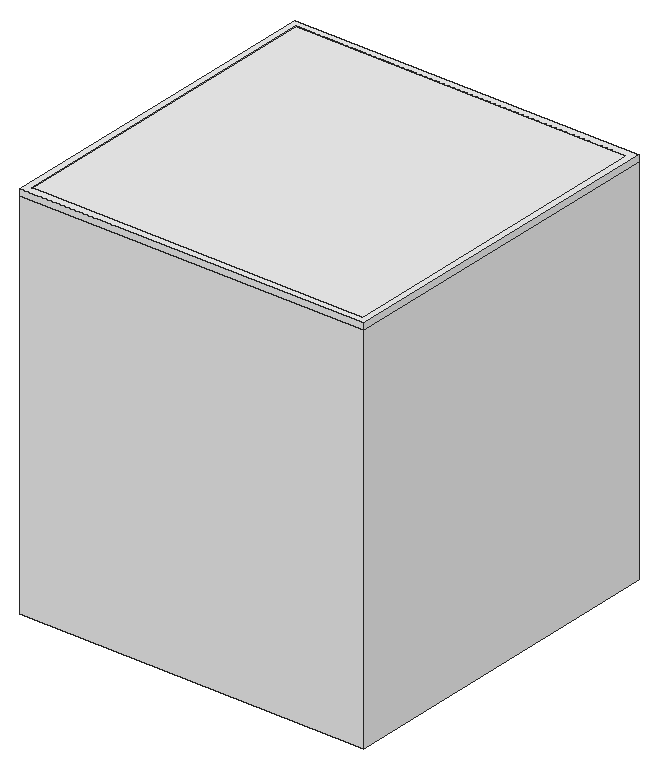
Revit family "Iluminação embutida - Quadrada sem moldura", category Luminárias, Revit 2019
Family settings
  Hospedeiro = Forro
  Cota do conector redondo = Utilizar diâmetro
  Tipo de parte = Normal
  Número OmniClass = 23.80.70.11
  Título OmniClass = Luminaries for Internal Lighting
  Sempre na vertical = Sim
  Corte com vazios quando carregada = Sim
  Fonte luminosa = Sim
  Compartilhado = Não
  Ponto de cálculo do ambiente = Não
Parameters (values of type "110x110mm-36W")
  Largura = 110.00 mm
  Wattage = 150 W
  built-in parameter 1150110 = 1 (stored number, unit not read)
  built-in parameter 1114217 = 1 (stored number, unit not read)
  built-in parameter 1150109 = 1 (stored number, unit not read)
  built-in parameter 1150134 = (empty or 0)
  built-in parameter 1150113 = 1 (stored number, unit not read)
  Material de sombra = Vidro
  Lumens = 2700 lm
  built-in parameter 1150115 = 1 (stored number, unit not read)
  built-in parameter 1150105 = 859.44 (stored number, unit not read)
  Tamanho do símbolo da fonte luminosa = Largura - 50.00 mm  # 60.00 mm
  built-in parameter 1150137 = (empty or 0)
  built-in parameter 1150139 = (empty or 0)
  Comprimento = 110.00 mm
  built-in parameter 1150112 = 1 (stored number, unit not read)
  built-in parameter 1150114 = 1 (stored number, unit not read)
  built-in parameter 1150132 = (empty or 0)
  built-in parameter 1150102 = (empty or 0)
  built-in parameter 1150138 = (empty or 0)
  built-in parameter 1150107 = 3000 (stored number, unit not read)
  built-in parameter 1150106 = 8.5944 (stored number, unit not read)
  Altura = 120.00 mm
  Largura da estrutura = 30.00 mm
  Espessura da moldura = 2.00 mm
  Material da luminária = Metal - Alum
  built-in parameter 1150104 = 1.6723 (stored number, unit not read)
  Dimming Lamp Color Temperature Shift = (empty or 0)
  Color Filter = 16777215
  built-in parameter 1114218 = 1 (stored number, unit not read)
  built-in parameter 1150133 = 10 (stored number, unit not read)
Types (2, lengths in mm): name | Largura | Tamanho do símbolo da fonte luminosa | Comprimento
  110x110mm-36W | 110.00 | 60.00 | 110.00
  300x300mm-72W | 300.00 | 250.00 | 300.00
Reference planes
  plane 1 "Eixo de origem da luz (F/T)": y = 0
  plane 2 "Forro": z = 2438.4
  plane 3 "Eixo de origem da luz (E/D)": x = 0
  plane 4 "Elevação da origem da luz": z = 2541.4
  plane 5: y = 55
  plane 6: y = -55
  plane 7: x = -55
  plane 8: x = 55
  plane 9: x = -53
  plane 10: x = 53
  plane 11: y = 53
  plane 12: y = -53
  plane 13: z = 2558.4
  plane 14: z = 2436.4
  plane 15: z = 2441.4
  plane 16: z = 2556.4
  plane 17: x = -85
  plane 18: x = 85
  plane 19: z = 2526.4
  plane 20: z = 2524.4
  plane 21: z = 2453.4
Forms (mm)
  Extrusion 1, solid, material "Metal - Alum" <- "Material da luminária"
    sketch origin (0, 0, 2541.4) x (0, -1, 0) y (1, 0, 0)
      loop
        line (-55, -55) -> (55, -55) -> (55, 55) -> (-55, 55) -> (-55, -55)
    from 17 to 15
  Sweep 2, solid, material "Metal - Alum" <- "Material da luminária"
    path origin (0, 0, 2541.4) x (0, -1, 0) y (1, 0, 0)
      loop
        line (-55, -55) -> (55, -55) -> (55, 55) -> (-55, 55) -> (-55, -55)
    profile origin (0, 55, 2541.4) x (0, 1, 0) y (0, 0, 1)
      loop
        line (0, 17) -> (-2, 17) -> (-2, -105) -> (0, -105) -> (0, 17)
  Extrusion 3, solid, material "Vidro" <- "Material de sombra"
    sketch origin (0, 28.278, 2541.4) x (0, -1, 0) y (1, 0, 0)
      loop
        line (-24.722, -53) -> (81.278, -53) -> (81.278, 53) -> (-24.722, 53) -> (-24.722, -53)
    from -15 to -17
Lines and regions (mm)
  Opening 1
    outline origin (0, 0, 2438.4) x (1, 0, 0) y (0, 1, 0)
      loop
        line (-55, 55) -> (-55, -55) -> (55, -55) -> (55, 55) -> (-55, 55)
Dimensions and locks
  equal spacing: host sketch curve, plane 3 "Eixo de origem da luz (E/D)", host sketch curve
  equal spacing: host sketch curve, plane 1 "Eixo de origem da luz (F/T)", host sketch curve
  host sketch curve to host sketch curve = 3048.00 mm  (x2)
  "Largura": plane 5 to plane 6
  equal spacing: plane 5, plane 1 "Eixo de origem da luz (F/T)", plane 6
  "Comprimento": plane 7 to plane 8
  equal spacing: plane 7, plane 3 "Eixo de origem da luz (E/D)", plane 8
  "Altura": plane 13 to plane 2 "Forro"
  locked: plane 15 to plane 2 "Forro" at 3
  "Largura da estrutura": plane 17 to plane 7
  "Largura da estrutura": plane 8 to plane 18
  locked: plane 5 to plane 11 at 2
  locked: plane 7 to plane 9 at 2
  locked: plane 10 to plane 8 at 2
  locked: plane 12 to plane 6 at 2
  "Espessura da moldura": plane 2 "Forro" to plane 14
  locked: plane 13 to plane 16 at 2
  locked: plane 20 to plane 19 at 2
  locked: plane 16 to plane 19 at 30
  equal spacing: plane 16, plane 4 "Elevação da origem da luz", plane 19
  locked: plane 21 to plane 2 "Forro" at 15
  aligned and locked: plane 1 "Eixo de origem da luz (F/T)" to imposter light
  aligned and locked: Extrusion 1 sketch curve to plane 5
  aligned and locked: plane 6 to Extrusion 1 sketch curve
  aligned and locked: plane 16 to Extrusion 1
  aligned and locked: Extrusion 1 to plane 13
  aligned and locked: plane 5 to Sweep 2 sketch curve  (x2)
  aligned and locked: plane 8 to Sweep 2 sketch curve
  aligned and locked: plane 6 to Sweep 2 sketch curve
  aligned and locked: plane 7 to Sweep 2 sketch curve
  aligned and locked: plane 13 to Sweep 2 sketch curve
  aligned and locked: plane 11 to Sweep 2 sketch curve
  aligned and locked: Sweep 2 sketch curve to plane 14
  aligned and locked: Extrusion 3 to plane 12
  aligned and locked: plane 11 to Extrusion 3
  aligned and locked: Extrusion 3 to plane 19
  aligned and locked: Extrusion 3 to plane 20
  aligned and locked: Extrusion 3 to plane 9
  aligned and locked: plane 10 to Extrusion 3
  aligned and locked: plane 12 to Extrusion 3
  aligned and locked: Extrusion 3 to plane 11
  aligned and locked: plane 9 to Extrusion 3
  aligned and locked: Opening 1 sketch curve to Extrusion 1  (x4)
  aligned and locked: plane 3 "Eixo de origem da luz (E/D)" to imposter light
  aligned and locked: plane 21 to imposter light
Automatic sketch dimensions
  Extrusion 1 sketch curve to plane 7 = 0.00 mm
  Extrusion 1 sketch curve to plane 8 = 0.00 mm
  Extrusion 3 sketch curve to plane 8 = 2.00 mm
  plane 7 to Extrusion 3 sketch curve = 2.00 mm
  Extrusion 3 sketch curve to plane 5 = 2.00 mm
  plane 12 to Extrusion 3 sketch curve = 0.00 mm
